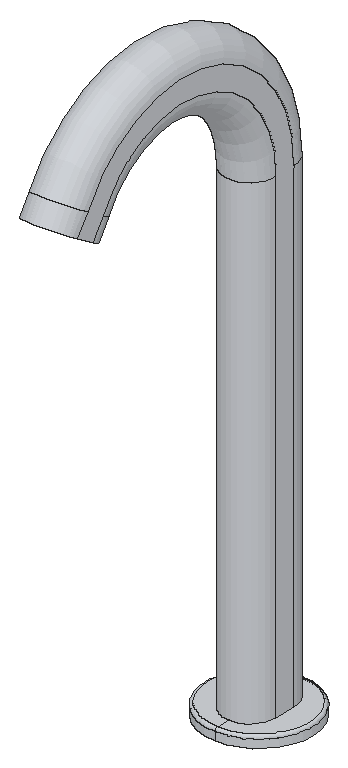
Revit family "Faucet_Touchless-Lavatory-KOHLER-OBLO-K-8397T", category Plumbing Fixtures, host Face, Revit 2017
Family settings
  Host = Face
  Round Connector Dimension = Use Diameter
  Part Type = Normal
  OmniClass Number = 23.31.11.00
  OmniClass Title = Faucets
  Cut with Voids When Loaded = No
  Shared = No
  Room Calculation Point = No
Parameters (values of type "CP- Polished Chrome")
  Width = 2 73/256"  # constant formula
  WaterSense Certified = 1 = 0  # no
  Waste Water Outlet = "Waste Water Outlet"  # constant formula
  Waste Connection = 1 = 0  # no
  Vent Connection = 1 = 0  # no
  URL = "http://www.kohler.com.cn/"
  Type = 1
  Tempered Water Inlet = "Tempered Water Inlet"  # constant formula
  Spout Reach = 5 15/64"  # constant formula
  Product Page URL = "https://www.kohler.com.cn/product/K-8397T-CP/K-8397T-CP/"
  Product Name = "OBLO\r\n"  # constant formula
  Product Documentation Link = "https://files.kohler.com.cn/pdfs/8399T.pdf"
  Pressure = 14.504 psi  # constant formula
  Model = "K-8397T-CP"  # constant formula
  Material = "Brass Construction"  # constant formula
  Master Format 2014 Name = "Residential Faucets, Supplies, and Trim"  # constant formula
  Master Format 2014 = "22 41 39"  # constant formula
  Manufacturer Address = "Kohler Beijing Office (100016)\n36-2-03-B, No. 88, Liuxiang Road, Beijing"  # constant formula
  Manufacturer = "KOHLER Co."  # constant formula
  Length = Spout Reach  # 5 15/64"
  Hot Water Inlet = "Hot Water Inlet"  # constant formula
  Height = 13 117/128"  # constant formula
  HW Connection = 1 = 0  # no
  Flow Rate = 0.499 GPM  # constant formula
  Finish = Kohler-Metal-CP-Polished_Chrome
  Environmental Product Declaration = ""
  Drain Included = 1 = 0  # no
  Description = "Opel bowl and basin induction faucet-DC (single cooling type)"  # constant formula
  Default Elevation = 36"
  Declare Label = ""
  Date Modified = "11/19/2020"  # constant formula
  Date Created = "11/19/2020"  # constant formula
  Copyright = "Copyright KOHLER Co."  # constant formula
  Contact Us = "http://www.kohler.com.cn/contact/contact-us/"
  Cold Water Inlet = "Cold Water Inlet"  # constant formula
  CW Connection = 1 = 1  # yes
  Assembly Code = "D2010"
  ADA Compliant = 1 = 0  # no
Reference planes (in)
  plane 1 "Center (Front/Back)": y = 0
  plane 2: z = 0
  plane 3 "Center (Left/Right)": x = 0
  plane 4: x = 1.14173
  plane 5: x = -1.14342
  plane 6: y = 1.14173
  plane 7: y = -1.14173
  plane 8: x = 0.55118
  plane 9: x = -0.55118
  plane 10: y = 0.7874
  plane 11: y = -6.10236
  plane 12: y = -0.7874
  plane 13: z = 11.41732
  plane 14: y = -5.23438
  plane 15: z = 0.23622
  plane 16: z = 13.91406
Dimensions and locks (in)
  "Width": plane 5 to plane 4
  "Spout Reach": plane 14 to plane 1 "Center (Front/Back)"
  "Height": level to plane 16
  level to plane 13 = 11.41732"
  plane 10 to plane 12 = 1.5748"
  level to plane 15 = 0.23622"
  plane 9 to plane 8 = 1.10236"
  plane 7 to plane 6 = 2.28346"
  aligned and locked: plane 2 to host face
  aligned and locked: level to host face
Automatic sketch dimensions
  host sketch curve to host sketch curve = 96"  (x2)
Nested families (in)
  nested 1: "K-8397T" at (0, 0, 0), type "K-8397T"
Connectors (in)
  piping at (0, 0, 0), diameter 0.5, driven by "CW Connection", driven by "Cold Water Inlet", driven by "Flow Rate", driven by "Pressure"
    settings: on nested 1, index 1, connector inside diameter 24", connector length 0", flow factor 0, pipe flow 0.499 GPM, pressure drop 14.504 psi, fitting loss kfactor 0, connector angle 0.00°, fixture units 0, engagement length 0", angle of deflection 0.00°, flow configuration 1, flow direction 1, fitting loss method 4, system type 20, joint type 0, gender type 0, connector reference index -1, connector utility 1, adjustable connector no, is connector primary yes, connector description "Cold Water Inlet"
Definition of nested family "K-8397T"
  Parameters (values of type "K-8397T")
    Material = none
  Reference planes (in)
    plane 1 "Center (Front/Back)": y = 0
    plane 2: z = 0
    plane 3 "Center (Left/Right)": x = 0
    plane 4: y = -5.23622
    plane 5: y = -0.7874
    plane 6: y = 0.7874
    plane 7: z = 11.41732
    plane 8: x = 0.55118
    plane 9: x = -0.55118
    plane 10: through (0, -4.56299, 11.01281) normal (0, 0.515, 0.8572)
    plane 11: x = 1.14173
    plane 12: x = -1.14173
    plane 13: y = 1.14173
    plane 14: y = -1.14173
    plane 15: y = -6.10236
    plane 16: z = 0.23622
    plane 17: z = 13.9146
  Forms (in)
    Sweep 1, solid, material <- "Material", detail levels medium+fine
      path origin (0, 0, 0) x (0, 1, 0) y (0, 0, 1)
        loop
          line (0, 0.23622) -> (0, 10.43758)
          arc (0, 10.43758) -> (-1.97038, 13.02876) -> (-4.99388, 11.8225) r 2.68898
          line (-4.99388, 11.8225) -> (-5.23703, 11.41784)
      profile origin (0, 0, 5.3369) x (0, -1, 0) y (1, 0, 0)
        loop
          arc (-0.23671, 0.55118) -> (-0.78789, 0) -> (-0.23671, -0.55118) r 0.55118
          line (-0.23671, -0.55118) -> (0.23575, -0.55118)
          arc (0.23575, -0.55118) -> (0.78693, 0) -> (0.23575, 0.55118) r 0.55118
          line (0.23575, 0.55118) -> (-0.23671, 0.55118)
    Revolve 2, solid, material <- "Material", detail levels medium+fine
      sketch origin (0, 0, 0) x (0, 1, 0) y (0, 0, 1)
        loop
          line (0, 0) -> (1.14173, 0) -> (1.14173, 0.17587)
          arc (1.14173, 0.17587) -> (1.12406, 0.21854) -> (1.08138, 0.23622) r 0.06035
          line (1.08138, 0.23622) -> (0, 0.23622) -> (0, 0)
        axis (0, 0.23622) -> (0, 0)
      angle from 0 to 360
    Revolve 3, void
      sketch origin (0, 0.13356, -0.08025) x (0, 1, 0) y (0, 0, 1)
        loop
          line (-5.52174, 12.16763) -> (-5.75813, 11.78933)
          arc (-5.75813, 11.78933) -> (-5.80689, 11.75422) -> (-5.86628, 11.76336) r 0.07934
          line (-5.86628, 11.76336) -> (-5.89778, 11.78229) -> (-5.93363, 11.72264) -> (-5.658, 11.55702) -> (-5.6232, 11.6173) -> (-5.6547, 11.63623)
          arc (-5.6547, 11.63623) -> (-5.69065, 11.68438) -> (-5.68254, 11.74391) r 0.07934
          line (-5.68254, 11.74391) -> (-5.46014, 12.12913) -> (-5.52174, 12.16763)
        axis (-5.14102, 11.92973) -> (-5.45666, 11.4246)
      angle from 0 to 360
    Extrusion 4, void
      sketch origin (0, -4.56299, 11.01281) x (0, -0.857167, 0.515038) y (-1, 0, 0)
        loop
          circle (0.81389, 0.00065) r 0.27559
      from -0.09547 to 0.20368
    Extrusion 5, solid, material <- "Material", detail levels medium+fine
      sketch origin (0, 0, 0) x (1, 0, 0) y (0, 1, 0)
        loop
          circle (0, 0) r 0.25
      from 0 to 0.05906
    Sweep 6, solid, material <- "Material", detail levels coarse
      path origin (0, 0, 0) x (0, 1, 0) y (0, 0, 1)
        loop
          line (0.00048, 0.23622) -> (0.00048, 10.43931)
          arc (0.00048, 10.43931) -> (-1.9699, 13.03048) -> (-4.9934, 11.82423) r 2.68898
          line (-4.9934, 11.82423) -> (-5.23744, 11.41809)
      profile origin (0, 0.00048, 5.33776) x (0, -1, 0) y (1, 0, 0)
        loop
          line (-0.23623, -0.66929) -> (0.23623, -0.66929)
          arc (0.23623, -0.66929) -> (0.90552, 0) -> (0.23623, 0.66929) r 0.66929
          line (0.23623, 0.66929) -> (-0.23623, 0.66929)
          arc (-0.23623, 0.66929) -> (-0.90552, 0) -> (-0.23623, -0.66929) r 0.66929
    Revolve 7, solid, material <- "Material", detail levels coarse
      sketch origin (0, 0, 0) x (0, 1, 0) y (0, 0, 1)
        loop
          line (0, 0.26083) -> (0, 0) -> (1.16634, 0) -> (1.16634, 0.20065)
          arc (1.16634, 0.20065) -> (1.14871, 0.2432) -> (1.10616, 0.26083) r 0.06018
          line (1.10616, 0.26083) -> (0, 0.26083)
        axis (0, 0.26083) -> (0, 0)
      angle from 0 to 360
    Extrusion 8, solid, detail levels medium+fine
      sketch origin (0, -4.49477, 10.97181) x (0, 0.857167, -0.515038) y (-1, 0, 0)
        loop
          line (-1.00788, 0.03404) -> (-0.94969, 0.02402)
          arc (-0.94969, 0.02402) -> (-0.95168, 0.00027) -> (-0.94956, -0.02347) r 0.1378
          line (-0.94956, -0.02347) -> (-1.00776, -0.03349)
          arc (-1.00776, -0.03349) -> (-0.98832, -0.09058) -> (-0.95252, -0.13911) r 0.19685
          line (-0.95252, -0.13911) -> (-0.91093, -0.09718)
          arc (-0.91093, -0.09718) -> (-0.89262, -0.11244) -> (-0.87195, -0.12432) r 0.1378
          line (-0.87195, -0.12432) -> (-0.89712, -0.17774)
          arc (-0.89712, -0.17774) -> (-0.81389, -0.1962) -> (-0.73065, -0.17774) r 0.19685
          line (-0.73065, -0.17774) -> (-0.75583, -0.12432)
          arc (-0.75583, -0.12432) -> (-0.73516, -0.11244) -> (-0.71685, -0.09718) r 0.1378
          line (-0.71685, -0.09718) -> (-0.67526, -0.13911)
          arc (-0.67526, -0.13911) -> (-0.63942, -0.09053) -> (-0.62, -0.03336) r 0.19685
          line (-0.62, -0.03336) -> (-0.6782, -0.02335)
          arc (-0.6782, -0.02335) -> (-0.67609, 0.00027) -> (-0.67807, 0.0239) r 0.1378
          line (-0.67807, 0.0239) -> (-0.61987, 0.03391)
          arc (-0.61987, 0.03391) -> (-0.63913, 0.09125) -> (-0.67488, 0.14002) r 0.19685
          line (-0.67488, 0.14002) -> (-0.71647, 0.0981)
          arc (-0.71647, 0.0981) -> (-0.73481, 0.11349) -> (-0.75553, 0.12548) r 0.1378
          line (-0.75553, 0.12548) -> (-0.73036, 0.1789)
          arc (-0.73036, 0.1789) -> (-0.81389, 0.1975) -> (-0.89742, 0.1789) r 0.19685
          line (-0.89742, 0.1789) -> (-0.87224, 0.12548)
          arc (-0.87224, 0.12548) -> (-0.89297, 0.11349) -> (-0.91131, 0.0981) r 0.1378
          line (-0.91131, 0.0981) -> (-0.9529, 0.14002)
          arc (-0.9529, 0.14002) -> (-0.98862, 0.0913) -> (-1.00788, 0.03404) r 0.19685
      from 0 to 0.09547
  Cuts and joins
    Revolve 3, Extrusion 4 cuts Sweep 1
    joined: Sweep 1, Revolve 2
    Revolve 3, Extrusion 4 cuts Sweep 6
    joined: Sweep 6, Revolve 7
  Lines and regions (in)
    Masking region 1
      outline origin (0, 0, 0) x (1, 0, 0) y (0, 1, 0)
        loop
          line (-0.55118, -0.99988) -> (-0.55118, -5.55194)
          arc (-0.55118, -5.55194) -> (0, -6.10312) -> (0.55118, -5.55194) r 0.55118
          line (0.55118, -5.55194) -> (0.55118, -0.99988)
          arc (0.55118, -0.99988) -> (0, 1.14173) -> (-0.55118, -0.99988) r 1.14173
    Masking region 2
      outline origin (0, 0, 0) x (1, 0, 0) y (0, 0, 1)
        loop
          arc (-1.08268, 0.23622) -> (-1.12444, 0.21892) -> (-1.14173, 0.17717) r 0.05906
          line (-1.14173, 0.17717) -> (-1.14173, 0) -> (1.14173, 0) -> (1.14173, 0.17717)
          arc (1.14173, 0.17717) -> (1.12444, 0.21892) -> (1.08268, 0.23622) r 0.05906
          line (1.08268, 0.23622) -> (0.55118, 0.23622) -> (0.55118, 13.34356)
          arc (0.55118, 13.34356) -> (0, 13.89474) -> (-0.55118, 13.34356) r 0.55118
          line (-0.55118, 13.34356) -> (-0.55118, 0.23622) -> (-1.08268, 0.23622)
    Masking region 3
      outline origin (0, 0, 0) x (0, 1, 0) y (0, 0, 1)
        loop
          line (1.14173, 0) -> (1.14173, 0.17717)
          arc (1.14173, 0.17717) -> (1.12444, 0.21892) -> (1.08268, 0.23622) r 0.05906
          line (1.08268, 0.23622) -> (0.78789, 0.23622) -> (0.78789, 10.4378)
          arc (0.78789, 10.4378) -> (-1.75978, 13.78815) -> (-5.66912, 12.22849) r 3.47681
          line (-5.66912, 12.22849) -> (-5.91239, 11.82361) -> (-4.56251, 11.01251) -> (-4.31884, 11.41804)
          arc (-4.31884, 11.41804) -> (-2.18076, 12.27105) -> (-0.7874, 10.43869) r 1.90152
          line (-0.7874, 10.43869) -> (-0.7874, 0.23622) -> (-1.08268, 0.23622)
          arc (-1.08268, 0.23622) -> (-1.12444, 0.21892) -> (-1.14173, 0.17717) r 0.05906
          line (-1.14173, 0.17717) -> (-1.14173, 0) -> (1.14173, 0)
    symbolic lines, detail levels medium+fine
      curve 1: arc (0.55118, -0.93612, 0) -> (0, 1.08633, 0) -> (-0.55118, -0.93612, 0) r 1.08633
      curve 2: arc (-0.55118, 0.23671, 0) -> (0, 0.78789, 0) -> (0.55118, 0.23671, 0) r 0.55118
      curve 3: line (-0.55118, 0.23671, 0) -> (-0.55118, -0.99988, 0)
      curve 4: line (0.55118, 0.23671, 0) -> (0.55118, -0.99988, 0)
      curve 5: spline (-0.55118, 0, 11.28018) -> (-0.5324, 0, 11.2067) -> (-0.47734, 0, 11.13824) -> (-0.38974, 0, 11.07944) -> (-0.27559, 0, 11.03433) -> (-0.14266, 0, 11.00597) -> (0, 0, 10.9963) -> (0.14266, 0, 11.00597) -> (0.27559, 0, 11.03433) -> (0.38974, 0, 11.07944) -> (0.47734, 0, 11.13824) -> (0.5324, 0, 11.2067) -> (0.55118, 0, 11.28018)
      curve 6: spline (0.55118, 0, 11.52351) -> (0.5324, 0, 11.59699) -> (0.47734, 0, 11.66545) -> (0.38974, 0, 11.72425) -> (0.27559, 0, 11.76936) -> (0.14266, 0, 11.79772) -> (0, 0, 11.80739) -> (-0.14266, 0, 11.79772) -> (-0.27559, 0, 11.76936) -> (-0.38974, 0, 11.72425) -> (-0.47734, 0, 11.66545) -> (-0.5324, 0, 11.59699) -> (-0.55118, 0, 11.52351)
      curve 7: spline (0, 0, 11.18439) -> (-0.12226, 0, 11.19285) -> (-0.23612, 0, 11.21729) -> (-0.33386, 0, 11.25606) -> (-0.40883, 0, 11.30651) -> (-0.45595, 0, 11.36522) -> (-0.47202, 0, 11.42821) -> (-0.45595, 0, 11.49121) -> (-0.40883, 0, 11.54992) -> (-0.33386, 0, 11.60037) -> (-0.23612, 0, 11.63914) -> (-0.12226, 0, 11.66358) -> (0, 0, 11.67204)
      curve 8: spline (0, 0, 11.67204) -> (0.12226, 0, 11.66358) -> (0.23612, 0, 11.63914) -> (0.33386, 0, 11.60037) -> (0.40883, 0, 11.54992) -> (0.45595, 0, 11.49121) -> (0.47202, 0, 11.42821) -> (0.45595, 0, 11.36522) -> (0.40883, 0, 11.30651) -> (0.33386, 0, 11.25606) -> (0.23612, 0, 11.21729) -> (0.12226, 0, 11.19285) -> (0, 0, 11.18439)
      curve 9: line (-0.55118, 0, 0.23622) -> (0.55118, 0, 0.23622)
      curve 10: line (1.14173, 0, 0.17717) -> (-1.14173, 0, 0.17717)
      curve 11: line (0, 0.78789, 0.23622) -> (0, -0.78789, 0.23622)
      curve 12: line (0, -1.14173, 0.17717) -> (0, 1.14173, 0.17717)
      curve 13: spline (-0.03404, 0, 11.49091) -> (-0.04396, 0, 11.4899) -> (-0.05376, 0, 11.48862) -> (-0.06342, 0, 11.48709) -> (-0.07291, 0, 11.4853) -> (-0.08221, 0, 11.48327) -> (-0.0913, 0, 11.48099) -> (-0.10015, 0, 11.47847) -> (-0.10874, 0, 11.47573) -> (-0.11704, 0, 11.47276) -> (-0.12504, 0, 11.46957) -> (-0.13271, 0, 11.46618) -> (-0.14002, 0, 11.46259)
      curve 14: line (-0.02402, 0, 11.46094) -> (-0.03404, 0, 11.49091)
      curve 15: spline (0.02347, 0, 11.46087) -> (0.01955, 0, 11.4612) -> (0.0156, 0, 11.46147) -> (0.01165, 0, 11.46168) -> (0.00768, 0, 11.46184) -> (0.00371, 0, 11.46193) -> (-0.00027, 0, 11.46196) -> (-0.00425, 0, 11.46194) -> (-0.00822, 0, 11.46186) -> (-0.01219, 0, 11.46172) -> (-0.01615, 0, 11.46151) -> (-0.02009, 0, 11.46125) -> (-0.02402, 0, 11.46094)
      curve 16: line (0.03349, 0, 11.49084) -> (0.02347, 0, 11.46087)
      curve 17: spline (0.13911, 0, 11.46239) -> (0.13182, 0, 11.46599) -> (0.12419, 0, 11.46939) -> (0.11623, 0, 11.47258) -> (0.10796, 0, 11.47555) -> (0.0994, 0, 11.47831) -> (0.09058, 0, 11.48084) -> (0.08153, 0, 11.48312) -> (0.07225, 0, 11.48517) -> (0.06279, 0, 11.48697) -> (0.05315, 0, 11.48852) -> (0.04338, 0, 11.48981) -> (0.03349, 0, 11.49084)
      curve 18: line (0.09718, 0, 11.44097) -> (0.13911, 0, 11.46239)
      curve 19: spline (0.12432, 0, 11.4209) -> (0.12259, 0, 11.42274) -> (0.12076, 0, 11.42456) -> (0.11883, 0, 11.42635) -> (0.1168, 0, 11.42811) -> (0.11467, 0, 11.42984) -> (0.11244, 0, 11.43154) -> (0.11013, 0, 11.43321) -> (0.10771, 0, 11.43484) -> (0.10521, 0, 11.43643) -> (0.10262, 0, 11.43798) -> (0.09994, 0, 11.4395) -> (0.09718, 0, 11.44097)
      curve 20: line (0.17774, 0, 11.43386) -> (0.12432, 0, 11.4209)
      curve 21: spline (0.17774, 0, 11.34813) -> (0.18332, 0, 11.35492) -> (0.18793, 0, 11.3619) -> (0.19153, 0, 11.36904) -> (0.19412, 0, 11.37629) -> (0.19568, 0, 11.38362) -> (0.1962, 0, 11.391) -> (0.19568, 0, 11.39837) -> (0.19412, 0, 11.4057) -> (0.19153, 0, 11.41295) -> (0.18793, 0, 11.42009) -> (0.18332, 0, 11.42707) -> (0.17774, 0, 11.43386)
      curve 22: line (0.12432, 0, 11.36109) -> (0.17774, 0, 11.34813)
      curve 23: spline (0.09718, 0, 11.34102) -> (0.09994, 0, 11.34249) -> (0.10262, 0, 11.34401) -> (0.10521, 0, 11.34556) -> (0.10771, 0, 11.34715) -> (0.11013, 0, 11.34878) -> (0.11244, 0, 11.35045) -> (0.11467, 0, 11.35215) -> (0.1168, 0, 11.35388) -> (0.11883, 0, 11.35564) -> (0.12076, 0, 11.35743) -> (0.12259, 0, 11.35925) -> (0.12432, 0, 11.36109)
      curve 24: line (0.13911, 0, 11.3196) -> (0.09718, 0, 11.34102)
      curve 25: spline (0.03336, 0, 11.29113) -> (0.04326, 0, 11.29216) -> (0.05305, 0, 11.29345) -> (0.06269, 0, 11.295) -> (0.07217, 0, 11.2968) -> (0.08146, 0, 11.29885) -> (0.09053, 0, 11.30114) -> (0.09935, 0, 11.30367) -> (0.10792, 0, 11.30642) -> (0.1162, 0, 11.3094) -> (0.12417, 0, 11.3126) -> (0.13182, 0, 11.316) -> (0.13911, 0, 11.3196)
      curve 26: line (0.02335, 0, 11.32111) -> (0.03336, 0, 11.29113)
      curve 27: spline (-0.0239, 0, 11.32104) -> (-0.01999, 0, 11.32073) -> (-0.01606, 0, 11.32047) -> (-0.01213, 0, 11.32027) -> (-0.00818, 0, 11.32013) -> (-0.00423, 0, 11.32005) -> (-0.00027, 0, 11.32003) -> (0.00369, 0, 11.32006) -> (0.00764, 0, 11.32015) -> (0.01158, 0, 11.32031) -> (0.01552, 0, 11.32052) -> (0.01944, 0, 11.32078) -> (0.02335, 0, 11.32111)
      curve 28: line (-0.03391, 0, 11.29107) -> (-0.0239, 0, 11.32104)
      curve 29: spline (-0.14002, 0, 11.3194) -> (-0.1327, 0, 11.31581) -> (-0.12502, 0, 11.31241) -> (-0.11702, 0, 11.30922) -> (-0.1087, 0, 11.30625) -> (-0.10011, 0, 11.3035) -> (-0.09125, 0, 11.30099) -> (-0.08215, 0, 11.29871) -> (-0.07283, 0, 11.29667) -> (-0.06332, 0, 11.29489) -> (-0.05365, 0, 11.29335) -> (-0.04384, 0, 11.29208) -> (-0.03391, 0, 11.29107)
      curve 30: line (-0.0981, 0, 11.34082) -> (-0.14002, 0, 11.3194)
      curve 31: spline (-0.12548, 0, 11.36094) -> (-0.12373, 0, 11.35909) -> (-0.12188, 0, 11.35726) -> (-0.11993, 0, 11.35547) -> (-0.11788, 0, 11.3537) -> (-0.11574, 0, 11.35197) -> (-0.11349, 0, 11.35027) -> (-0.11115, 0, 11.3486) -> (-0.10872, 0, 11.34696) -> (-0.10619, 0, 11.34537) -> (-0.10358, 0, 11.34381) -> (-0.10088, 0, 11.3423) -> (-0.0981, 0, 11.34082)
      curve 32: line (-0.1789, 0, 11.34797) -> (-0.12548, 0, 11.36094)
      curve 33: spline (-0.1789, 0, 11.43402) -> (-0.18452, 0, 11.4272) -> (-0.18916, 0, 11.42019) -> (-0.19279, 0, 11.41303) -> (-0.1954, 0, 11.40575) -> (-0.19697, 0, 11.39839) -> (-0.1975, 0, 11.391) -> (-0.19697, 0, 11.3836) -> (-0.1954, 0, 11.37624) -> (-0.19279, 0, 11.36896) -> (-0.18916, 0, 11.3618) -> (-0.18452, 0, 11.35479) -> (-0.1789, 0, 11.34797)
      curve 34: line (-0.12548, 0, 11.42105) -> (-0.1789, 0, 11.43402)
      curve 35: spline (-0.0981, 0, 11.44117) -> (-0.10088, 0, 11.43969) -> (-0.10358, 0, 11.43818) -> (-0.10619, 0, 11.43662) -> (-0.10872, 0, 11.43503) -> (-0.11115, 0, 11.43339) -> (-0.11349, 0, 11.43173) -> (-0.11574, 0, 11.43002) -> (-0.11788, 0, 11.42829) -> (-0.11993, 0, 11.42652) -> (-0.12188, 0, 11.42473) -> (-0.12373, 0, 11.4229) -> (-0.12548, 0, 11.42105)
      curve 36: line (-0.14002, 0, 11.46259) -> (-0.0981, 0, 11.44117)
      curve 37: spline (-0.00118, 0, 11.29007) -> (0.07016, 0, 11.29484) -> (0.13669, 0, 11.30895) -> (0.19385, 0, 11.33145) -> (0.23775, 0, 11.36081) -> (0.26541, 0, 11.39501) -> (0.27494, 0, 11.43174) -> (0.26569, 0, 11.46848) -> (0.23829, 0, 11.50274) -> (0.1946, 0, 11.53218) -> (0.13761, 0, 11.5548) -> (0.0712, 0, 11.56905) -> (-0.00011, 0, 11.57395)
      curve 38: spline (-0.00011, 0, 11.57395) -> (-0.07146, 0, 11.56919) -> (-0.13798, 0, 11.55507) -> (-0.19514, 0, 11.53257) -> (-0.23905, 0, 11.50322) -> (-0.26671, 0, 11.46902) -> (-0.27624, 0, 11.43229) -> (-0.26698, 0, 11.39554) -> (-0.23958, 0, 11.36128) -> (-0.1959, 0, 11.33184) -> (-0.13891, 0, 11.30923) -> (-0.07249, 0, 11.29498) -> (-0.00118, 0, 11.29007)
      curve 39: spline (0, 0, 11.61101) -> (-0.08946, 0, 11.60499) -> (-0.17284, 0, 11.58724) -> (-0.24445, 0, 11.55897) -> (-0.2994, 0, 11.52212) -> (-0.33395, 0, 11.4792) -> (-0.34574, 0, 11.43313) -> (-0.33395, 0, 11.38706) -> (-0.2994, 0, 11.34413) -> (-0.24445, 0, 11.30728) -> (-0.17284, 0, 11.27901) -> (-0.08946, 0, 11.26126) -> (0, 0, 11.25524)
      curve 40: spline (0, 0, 11.25524) -> (0.08946, 0, 11.26126) -> (0.17284, 0, 11.27901) -> (0.24445, 0, 11.30728) -> (0.2994, 0, 11.34413) -> (0.33395, 0, 11.38706) -> (0.34574, 0, 11.43313) -> (0.33395, 0, 11.4792) -> (0.2994, 0, 11.52212) -> (0.24445, 0, 11.55897) -> (0.17284, 0, 11.58724) -> (0.08946, 0, 11.60499) -> (0, 0, 11.61101)
      curve 41: line (0.36382, 0, 11.58337) -> (0.36169, 0, 11.49436)
      curve 42: arc (0.36169, 0, 11.49436) -> (0.35493, 0, 11.44327) -> (0.33743, 0, 11.3948) r 0.24002
      curve 43: line (-0.36382, 0, 11.58337) -> (-0.36169, 0, 11.49436)
      curve 44: arc (-0.36169, 0, 11.49436) -> (-0.35493, 0, 11.44327) -> (-0.33743, 0, 11.3948) r 0.24002
  Dimensions and locks (in)
    plane 1 "Center (Front/Back)" to plane 15 = 6.10236"
    aligned and locked: level to plane 2
